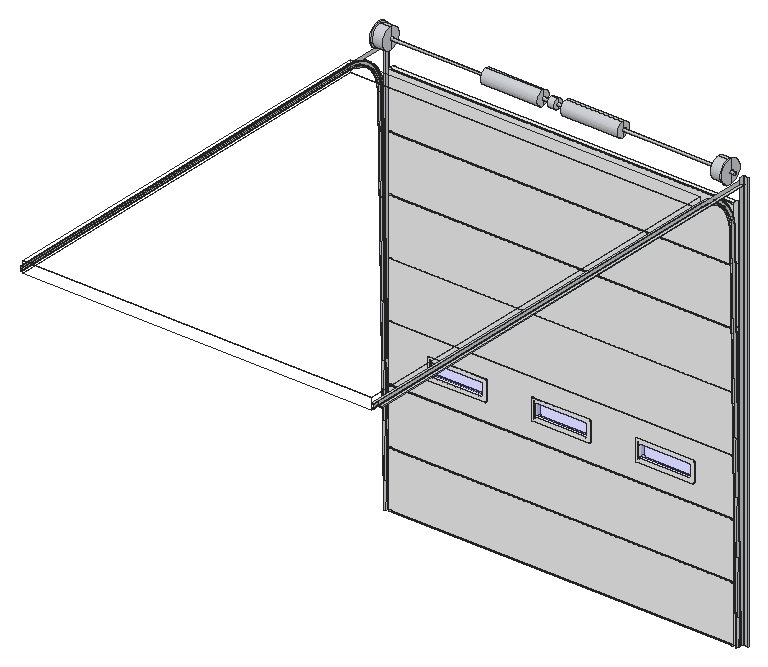
Revit family (continued)
Definition of nested family "3300 Section"
  Definition of nested family "3200 Window Array"
    Forms (in)
      Extrusion 2, solid, material "Glass"
        sketch origin (0, -1, 15.9844) x (0, 0, 1) y (-1, 0, 0)
          loop
            arc (-5.96234, 17.30882) -> (-6.1454, 17.75077) -> (-6.58734, 17.93382) r 0.625
            line (-6.58734, 17.93382) -> (-16.08734, 17.93382)
            arc (-16.08734, 17.93382) -> (-16.52928, 17.75077) -> (-16.71234, 17.30882) r 0.625
            line (-16.71234, 17.30882) -> (-16.71234, -18.19118)
            arc (-16.71234, -18.19118) -> (-16.52928, -18.63312) -> (-16.08734, -18.81618) r 0.625
            line (-16.08734, -18.81618) -> (-6.58734, -18.81618)
            arc (-6.58734, -18.81618) -> (-6.1454, -18.63312) -> (-5.96234, -18.19118) r 0.625
            line (-5.96234, -18.19118) -> (-5.96234, 17.30882)
        from 0 to 0.25
      Extrusion 3, solid, material "Tan" <- "Color"
        sketch origin (42.61408, 0, 0) x (1, 0, 0) y (0, 0, 1)
          loop
            line (-15.92291, -0.72794) -> (19.57709, -0.72794)
            arc (19.57709, -0.72794) -> (20.01904, -0.54488) -> (20.20209, -0.10294) r 0.625
            line (20.20209, -0.10294) -> (20.20209, 9.39706)
            arc (20.20209, 9.39706) -> (20.01904, 9.839) -> (19.57709, 10.02206) r 0.625
            line (19.57709, 10.02206) -> (-15.92291, 10.02206)
            arc (-15.92291, 10.02206) -> (-16.36485, 9.839) -> (-16.54791, 9.39706) r 0.625
            line (-16.54791, 9.39706) -> (-16.54791, -0.10294)
            arc (-16.54791, -0.10294) -> (-16.36485, -0.54488) -> (-15.92291, -0.72794) r 0.625
          loop
            line (-17.54791, -2.35294) -> (21.20209, -2.35294)
            arc (21.20209, -2.35294) -> (21.64404, -2.16988) -> (21.82709, -1.72794) r 0.625
            line (21.82709, -1.72794) -> (21.82709, 11.02206)
            arc (21.82709, 11.02206) -> (21.64404, 11.464) -> (21.20209, 11.64706) r 0.625
            line (21.20209, 11.64706) -> (-17.54791, 11.64706)
            arc (-17.54791, 11.64706) -> (-17.98985, 11.464) -> (-18.17291, 11.02206) r 0.625
            line (-18.17291, 11.02206) -> (-18.17291, -1.72794)
            arc (-18.17291, -1.72794) -> (-17.98985, -2.16988) -> (-17.54791, -2.35294) r 0.625
        from 0 to 2.25
      Extrusion 4, solid, material "Glass"
        sketch origin (44, -1, 15.9844) x (0, 0, 1) y (-1, 0, 0)
          loop
            arc (-5.96234, 17.30882) -> (-6.1454, 17.75077) -> (-6.58734, 17.93382) r 0.625
            line (-6.58734, 17.93382) -> (-16.08734, 17.93382)
            arc (-16.08734, 17.93382) -> (-16.52928, 17.75077) -> (-16.71234, 17.30882) r 0.625
            line (-16.71234, 17.30882) -> (-16.71234, -18.19118)
            arc (-16.71234, -18.19118) -> (-16.52928, -18.63312) -> (-16.08734, -18.81618) r 0.625
            line (-16.08734, -18.81618) -> (-6.58734, -18.81618)
            arc (-6.58734, -18.81618) -> (-6.1454, -18.63312) -> (-5.96234, -18.19118) r 0.625
            line (-5.96234, -18.19118) -> (-5.96234, 17.30882)
        from 0 to 0.25
      Extrusion 5, solid, material "Tan" <- "Color"
        sketch origin (86.61408, 0, 0) x (1, 0, 0) y (0, 0, 1)
          loop
            line (-15.92291, -0.72794) -> (19.57709, -0.72794)
            arc (19.57709, -0.72794) -> (20.01904, -0.54488) -> (20.20209, -0.10294) r 0.625
            line (20.20209, -0.10294) -> (20.20209, 9.39706)
            arc (20.20209, 9.39706) -> (20.01904, 9.839) -> (19.57709, 10.02206) r 0.625
            line (19.57709, 10.02206) -> (-15.92291, 10.02206)
            arc (-15.92291, 10.02206) -> (-16.36485, 9.839) -> (-16.54791, 9.39706) r 0.625
            line (-16.54791, 9.39706) -> (-16.54791, -0.10294)
            arc (-16.54791, -0.10294) -> (-16.36485, -0.54488) -> (-15.92291, -0.72794) r 0.625
          loop
            line (-17.54791, -2.35294) -> (21.20209, -2.35294)
            arc (21.20209, -2.35294) -> (21.64404, -2.16988) -> (21.82709, -1.72794) r 0.625
            line (21.82709, -1.72794) -> (21.82709, 11.02206)
            arc (21.82709, 11.02206) -> (21.64404, 11.464) -> (21.20209, 11.64706) r 0.625
            line (21.20209, 11.64706) -> (-17.54791, 11.64706)
            arc (-17.54791, 11.64706) -> (-17.98985, 11.464) -> (-18.17291, 11.02206) r 0.625
            line (-18.17291, 11.02206) -> (-18.17291, -1.72794)
            arc (-18.17291, -1.72794) -> (-17.98985, -2.16988) -> (-17.54791, -2.35294) r 0.625
        from 0 to 2.25
      Extrusion 6, solid, material "Glass"
        sketch origin (88, -1, 15.9844) x (0, 0, 1) y (-1, 0, 0)
          loop
            arc (-5.96234, 17.30882) -> (-6.1454, 17.75077) -> (-6.58734, 17.93382) r 0.625
            line (-6.58734, 17.93382) -> (-16.08734, 17.93382)
            arc (-16.08734, 17.93382) -> (-16.52928, 17.75077) -> (-16.71234, 17.30882) r 0.625
            line (-16.71234, 17.30882) -> (-16.71234, -18.19118)
            arc (-16.71234, -18.19118) -> (-16.52928, -18.63312) -> (-16.08734, -18.81618) r 0.625
            line (-16.08734, -18.81618) -> (-6.58734, -18.81618)
            arc (-6.58734, -18.81618) -> (-6.1454, -18.63312) -> (-5.96234, -18.19118) r 0.625
            line (-5.96234, -18.19118) -> (-5.96234, 17.30882)
        from 0 to 0.25
      Extrusion 7, solid, material "Tan" <- "Color"
        sketch origin (130.61408, 0, 0) x (1, 0, 0) y (0, 0, 1)
          loop
            line (-15.92291, -0.72794) -> (19.57709, -0.72794)
            arc (19.57709, -0.72794) -> (20.01904, -0.54488) -> (20.20209, -0.10294) r 0.625
            line (20.20209, -0.10294) -> (20.20209, 9.39706)
            arc (20.20209, 9.39706) -> (20.01904, 9.839) -> (19.57709, 10.02206) r 0.625
            line (19.57709, 10.02206) -> (-15.92291, 10.02206)
            arc (-15.92291, 10.02206) -> (-16.36485, 9.839) -> (-16.54791, 9.39706) r 0.625
            line (-16.54791, 9.39706) -> (-16.54791, -0.10294)
            arc (-16.54791, -0.10294) -> (-16.36485, -0.54488) -> (-15.92291, -0.72794) r 0.625
          loop
            line (-17.54791, -2.35294) -> (21.20209, -2.35294)
            arc (21.20209, -2.35294) -> (21.64404, -2.16988) -> (21.82709, -1.72794) r 0.625
            line (21.82709, -1.72794) -> (21.82709, 11.02206)
            arc (21.82709, 11.02206) -> (21.64404, 11.464) -> (21.20209, 11.64706) r 0.625
            line (21.20209, 11.64706) -> (-17.54791, 11.64706)
            arc (-17.54791, 11.64706) -> (-17.98985, 11.464) -> (-18.17291, 11.02206) r 0.625
            line (-18.17291, 11.02206) -> (-18.17291, -1.72794)
            arc (-18.17291, -1.72794) -> (-17.98985, -2.16988) -> (-17.54791, -2.35294) r 0.625
        from 0 to 2.25
      Extrusion 8, solid, material "Glass"
        sketch origin (132, -1, 15.9844) x (0, 0, 1) y (-1, 0, 0)
          loop
            arc (-5.96234, 17.30882) -> (-6.1454, 17.75077) -> (-6.58734, 17.93382) r 0.625
            line (-6.58734, 17.93382) -> (-16.08734, 17.93382)
            arc (-16.08734, 17.93382) -> (-16.52928, 17.75077) -> (-16.71234, 17.30882) r 0.625
            line (-16.71234, 17.30882) -> (-16.71234, -18.19118)
            arc (-16.71234, -18.19118) -> (-16.52928, -18.63312) -> (-16.08734, -18.81618) r 0.625
            line (-16.08734, -18.81618) -> (-6.58734, -18.81618)
            arc (-6.58734, -18.81618) -> (-6.1454, -18.63312) -> (-5.96234, -18.19118) r 0.625
            line (-5.96234, -18.19118) -> (-5.96234, 17.30882)
        from 0 to 0.25
    Dimensions and locks (in)
      locked: Extrusion 1 sketch curve to Extrusion 1 sketch curve at 1.625  (x4)
      "Frame Height": Extrusion 1 sketch curve to Extrusion 1 sketch curve
      "Frame Width": Extrusion 1 sketch curve to Extrusion 1 sketch curve
      Extrusion 1 to plane 4 = 0' - 1"
      Extrusion 1 to plane 3 "Center (Left/Right)" = 1' - 7.55882"
      locked: Extrusion 3 sketch curve to Extrusion 3 sketch curve at 1.625  (x4)
      "Frame Height": Extrusion 3 sketch curve to Extrusion 3 sketch curve
      "Frame Width": Extrusion 3 sketch curve to Extrusion 3 sketch curve
      equal spacing: group 1, group 2, group 3, group 4  (x3)
      locked: Extrusion 5 sketch curve to Extrusion 5 sketch curve at 1.625  (x4)
      "Frame Height": Extrusion 5 sketch curve to Extrusion 5 sketch curve
      "Frame Width": Extrusion 5 sketch curve to Extrusion 5 sketch curve
      "Window Spacing": Extrusion 1 to Extrusion 3
      locked: Extrusion 7 sketch curve to Extrusion 7 sketch curve at 1.625  (x4)
      "Frame Height": Extrusion 7 sketch curve to Extrusion 7 sketch curve
      "Frame Width": Extrusion 7 sketch curve to Extrusion 7 sketch curve
      radius of Extrusion 1 sketch curve = 0' - 0 5/8"  (x8)
      radius of Extrusion 3 sketch curve = 0' - 0 5/8"  (x8)
      radius of Extrusion 5 sketch curve = 0' - 0 5/8"  (x8)
      radius of Extrusion 7 sketch curve = 0' - 0 5/8"  (x8)
      aligned and locked: plane 2 to level
      aligned and locked: Extrusion 2 sketch curve to Extrusion 1  (x4)
      aligned and locked: Extrusion 4 sketch curve to Extrusion 3  (x4)
      aligned and locked: Extrusion 6 sketch curve to Extrusion 5  (x4)
      aligned and locked: Extrusion 8 sketch curve to Extrusion 7  (x4)
  Definition of nested family "3200 Window"
    Parameters (values of type "24x8")
      Window Spacing = 3' - 8"
      Frame Width = 2' - 1"
      Frame Height = 0' - 9"
      Color = White
      Assembly Code = ""
    Types (4): name | Frame Width | Frame Height | Color
      24x8 | 2' - 1" | 0' - 9" | White
      28x14 | 2' - 4" | 1' - 2" | Tan
      40x14 | 3' - 4" | 1' - 2" | White
      24x12 | 2' - 1" | 1' - 1" | Tan
    Reference planes (in)
      plane 1 "Center (Front/Back)": y = 0
      plane 2: z = 0
      plane 3 "Center (Left/Right)": x = 0
      plane 4: y = -1
    Forms (in)
      Extrusion 1, solid, material "White" <- "Color"
        sketch origin (42.61408, 0, 0) x (1, 0, 0) y (0, 0, 1)
          loop
            line (-15.92291, 4.27206) -> (4.57709, 4.27206)
            arc (4.57709, 4.27206) -> (5.01904, 4.45512) -> (5.20209, 4.89706) r 0.625
            line (5.20209, 4.89706) -> (5.20209, 9.39706)
            arc (5.20209, 9.39706) -> (5.01904, 9.839) -> (4.57709, 10.02206) r 0.625
            line (4.57709, 10.02206) -> (-15.92291, 10.02206)
            arc (-15.92291, 10.02206) -> (-16.36485, 9.839) -> (-16.54791, 9.39706) r 0.625
            line (-16.54791, 9.39706) -> (-16.54791, 4.89706)
            arc (-16.54791, 4.89706) -> (-16.36485, 4.45512) -> (-15.92291, 4.27206) r 0.625
          loop
            line (-17.54791, 2.64706) -> (6.20209, 2.64706)
            arc (6.20209, 2.64706) -> (6.64404, 2.83012) -> (6.82709, 3.27206) r 0.625
            line (6.82709, 3.27206) -> (6.82709, 11.02206)
            arc (6.82709, 11.02206) -> (6.64404, 11.464) -> (6.20209, 11.64706) r 0.625
            line (6.20209, 11.64706) -> (-17.54791, 11.64706)
            arc (-17.54791, 11.64706) -> (-17.98985, 11.464) -> (-18.17291, 11.02206) r 0.625
            line (-18.17291, 11.02206) -> (-18.17291, 3.27206)
            arc (-18.17291, 3.27206) -> (-17.98985, 2.83012) -> (-17.54791, 2.64706) r 0.625
        from 0 to 2.25
      Extrusion 2, solid, material "Glass"
        sketch origin (44, -1, 15.9844) x (0, 0, 1) y (-1, 0, 0)
          loop
            arc (-5.96234, 17.30882) -> (-6.1454, 17.75077) -> (-6.58734, 17.93382) r 0.625
            line (-6.58734, 17.93382) -> (-11.08734, 17.93382)
            arc (-11.08734, 17.93382) -> (-11.52928, 17.75077) -> (-11.71234, 17.30882) r 0.625
            line (-11.71234, 17.30882) -> (-11.71234, -3.19118)
            arc (-11.71234, -3.19118) -> (-11.52928, -3.63312) -> (-11.08734, -3.81618) r 0.625
            line (-11.08734, -3.81618) -> (-6.58734, -3.81618)
            arc (-6.58734, -3.81618) -> (-6.1454, -3.63312) -> (-5.96234, -3.19118) r 0.625
            line (-5.96234, -3.19118) -> (-5.96234, 17.30882)
        from 0 to 0.25
    Dimensions and locks (in)
      locked: Extrusion 1 sketch curve to Extrusion 1 sketch curve at 1.625  (x4)
      "Frame Height": Extrusion 1 sketch curve to Extrusion 1 sketch curve
      "Frame Width": Extrusion 1 sketch curve to Extrusion 1 sketch curve
      radius of Extrusion 1 sketch curve = 0' - 0 5/8"  (x8)
      aligned and locked: plane 2 to level
      aligned and locked: Extrusion 2 sketch curve to Extrusion 1  (x4)
    Automatic sketch dimensions
      level to Extrusion 1 sketch curve = 0' - 11.02206"
      plane 3 "Center (Left/Right)" to Extrusion 1 sketch curve = 2' - 0.44118"
